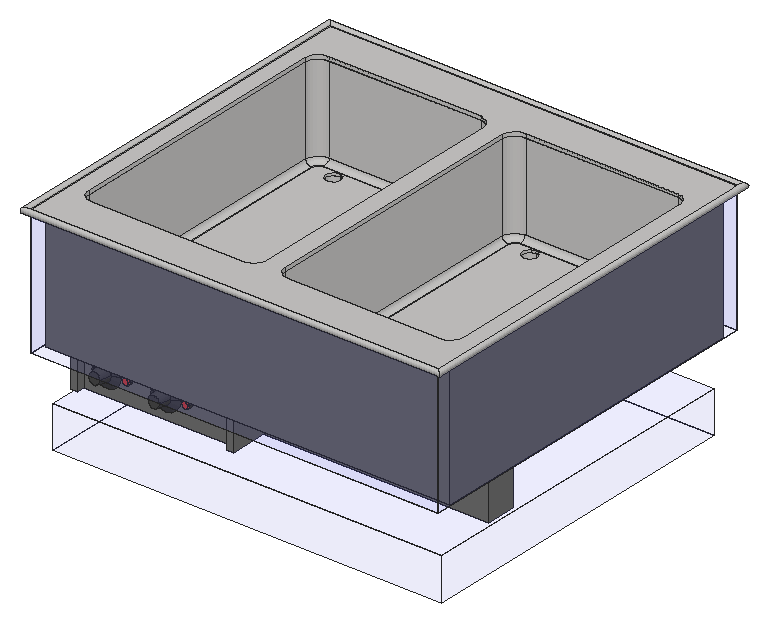
Revit family "QF_Vollrath_36399_cat", category Specialty Equipment, Revit 2016
Family settings
  Part Type = Normal
  Round Connector Dimension = Use Diameter
  OmniClass Number = 23.40.40.14.14
  OmniClass Title = Food Preparation Equipment
  Work Plane-Based = No
  Always vertical = Yes
  Cut with Voids When Loaded = No
  Shared = No
  Room Calculation Point = No
Parameters (values of type "Requires Type Catalog QF_Vollrath_36399_cat.txt")
  Width = 2' - 4 1/4"
  Weight in Pounds = 0
  Watts = 0 W
  Watermarked By = "http://revitwatermark.com"
  Waste Water Discharge Temperature [instance] = -459.67 °F
  Volts = 0 V
  URL Cutsheet = ""
  URL = "www.vollrathco.com"
  Status [instance] = ""
  Specification by User [instance] = ""
  Specification by Manufacturer [instance] = ""
  Serial Number [instance] = ""
  Seismic Rating [instance] = ""
  Revision Code [instance] = ""
  Remote Control Box [instance] = no
  Plumbing Remarks [instance] = ""
  Plumbing Connection Type [instance] = ""
  Phase = 1
  Number of Poles = 1
  NAFEM Spec ID Number [instance] = ""
  Mounted Control Box [instance] = not(Remote Control Box)  # yes
  Model = "-"
  Masterspec [instance] = ""
  Manufacturer = "Vollrath"
  Item Number [instance] = "-"
  Installed By [instance] = ""
  Indirect Waste Size = 1/2"
  Indirect Waste Flow [instance] = 0.00 GPM
  Indirect Waste Connection Type [instance] = ""
  Indirect Waste Connection Height [instance] = Height AFF - 1' 0 3/16"  # 1' - 11 13/16"
  Height AFF [instance] = 3' - 0"
  Furnished By [instance] = ""
  Foodservice Equipment Identifier [instance] = yes
  FL Amps = 0 A
  Electrical Remarks [instance] = ""
  Electric Connection Type [instance] = ""
  Elec Conn RI Height [instance] = 0' - 0"
  Elec Conn Connection Height [instance] = Height AFF - 0' 10"  # 2' - 2"
  Description = "Drop-In, Two Well Hot"
  Depth = 2' - 2"
  Cycle = 60 Hz
  Conn Plug = "-"
  CSI MasterFormat = "11 42 00"
  Assembly Code = "E1090320"
  Apparent Power = if(Phase = 3, Volts * FL Amps * 1.73, Volts * FL Amps)  # 0 VA
Reference planes (in)
  plane 1 "BACK": y = 0
  plane 2: z = 0
  plane 3 "LEFT": x = -15.48959
  plane 4 "RIGHT": x = 12.76041
  plane 5 "FRONT": y = -26
  plane 6 "Table Top": z = 36
  plane 7 "TOP": z = 36.375
  plane 8: y = -3
  plane 9: y = -23
  plane 10: x = -13.98959
  plane 11: x = -1.98959
  plane 12 "Bottom of Well": z = 29.625
  plane 13 "Bottom of Well Cover": z = 27.5
  plane 14: y = -1.5
  plane 15: y = -24.5
  plane 16: x = -14.98959
  plane 17: x = 12.26041
  plane 18 "Standard Drain": z = 23.75
  plane 19 "Drain FB": x = -11.98959
  plane 20 "Drain LR": y = -4
  plane 21: z = 24.5
  plane 22: z = 21.5
  plane 23 "Back of Panel": y = -20.5
  plane 24: y = -18.5
  plane 25: x = -14.48959
  plane 26: x = 11.69791
  plane 27 "Manifold Drain Top": z = 24.25
  plane 28 "Front of Panel": y = -22.5
  plane 29: x = -3.48959
  plane 30: x = -0.73959
  plane 31: x = 11.26041
  plane 32: x = 1.26041
  plane 33: z = 21.375
Forms (in)
  Sweep 1, solid, material "QF_Finishes_Stainless Steel"
    path origin (0, 0, 36) x (0, 1, 0) y (-1, 0, 0)
      loop
        line (0, 15.48959) -> (-26, 15.48959) -> (-26, -12.76041) -> (0, -12.76041) -> (0, 15.48959)
    profile origin (-1.36459, 0, 36) x (0, 1, 0) y (0, 0, 1)
      loop
        line (-0.37121, 0) -> (-0.1875, 0)
        arc (-0.1875, 0) -> (-0.04226, 0.30609) -> (-0.37121, 0.225) r 0.1875
        line (-0.37121, 0.225) -> (-0.37121, 0)
  Extrusion 2, solid, material "QF_Finishes_Stainless Steel"
    sketch origin (0, 0, 36) x (0, 1, 0) y (-1, 0, 0)
      loop
        arc (-3, 13.11459) -> (-3.25628, 13.73331) -> (-3.875, 13.98959) r 0.875
        line (-3.875, 13.98959) -> (-22.125, 13.98959)
        arc (-22.125, 13.98959) -> (-22.74372, 13.73331) -> (-23, 13.11459) r 0.875
        line (-23, 13.11459) -> (-23, 2.86459)
        arc (-23, 2.86459) -> (-22.74372, 2.24587) -> (-22.125, 1.98959) r 0.875
        line (-22.125, 1.98959) -> (-3.875, 1.98959)
        arc (-3.875, 1.98959) -> (-3.25628, 2.24587) -> (-3, 2.86459) r 0.875
        line (-3, 2.86459) -> (-3, 13.11459)
      loop
        line (-0.37121, 15.11838) -> (-25.62879, 15.11838) -> (-25.62879, -12.3892) -> (-0.37121, -12.3892) -> (-0.37121, 15.11838)
      loop
        arc (-3, -0.13541) -> (-3.25628, 0.48331) -> (-3.875, 0.73959) r 0.875
        line (-3.875, 0.73959) -> (-22.125, 0.73959)
        arc (-22.125, 0.73959) -> (-22.74372, 0.48331) -> (-23, -0.13541) r 0.875
        line (-23, -0.13541) -> (-23, -10.38541)
        arc (-23, -10.38541) -> (-22.74372, -11.00413) -> (-22.125, -11.26041) r 0.875
        line (-22.125, -11.26041) -> (-3.875, -11.26041)
        arc (-3.875, -11.26041) -> (-3.25628, -11.00413) -> (-3, -10.38541) r 0.875
        line (-3, -10.38541) -> (-3, -0.13541)
    from 0 to 0.225
  Sweep 3, solid, material "QF_Finishes_Stainless Steel"
    path origin (0, 0, 36) x (0, 1, 0) y (-1, 0, 0)
      loop
        arc (-3, 13.11459) -> (-3.25628, 13.73331) -> (-3.875, 13.98959) r 0.875
        line (-3.875, 13.98959) -> (-22.125, 13.98959)
        arc (-22.125, 13.98959) -> (-22.74372, 13.73331) -> (-23, 13.11459) r 0.875
        line (-23, 13.11459) -> (-23, 2.86459)
        arc (-23, 2.86459) -> (-22.74372, 2.24587) -> (-22.125, 1.98959) r 0.875
        line (-22.125, 1.98959) -> (-3.875, 1.98959)
        arc (-3.875, 1.98959) -> (-3.25628, 2.24587) -> (-3, 2.86459) r 0.875
        line (-3, 2.86459) -> (-3, 13.11459)
    profile origin (-7.98959, -3, 36) x (0, 1, 0) y (0, 0, 1)
      loop
        line (0, 0) -> (0, -5.875)
        arc (0, -5.875) -> (-0.10983, -6.14017) -> (-0.375, -6.25) r 0.375
        line (-0.375, -6.25) -> (-0.375, -6.375)
        arc (-0.375, -6.375) -> (-0.02145, -6.22855) -> (0.125, -5.875) r 0.5
        line (0.125, -5.875) -> (0.125, 0) -> (0, 0)
  Extrusion 4, solid, material "QF_Finishes_Stainless Steel"
    sketch origin (0, 0, 29.625) x (0, 1, 0) y (-1, 0, 0)
      loop
        arc (-3.375, 13.11459) -> (-3.52145, 13.46814) -> (-3.875, 13.61459) r 0.5
        line (-3.875, 13.61459) -> (-22.125, 13.61459)
        arc (-22.125, 13.61459) -> (-22.47855, 13.46814) -> (-22.625, 13.11459) r 0.5
        line (-22.625, 13.11459) -> (-22.625, 2.86459)
        arc (-22.625, 2.86459) -> (-22.47855, 2.51103) -> (-22.125, 2.36459) r 0.5
        line (-22.125, 2.36459) -> (-3.875, 2.36459)
        arc (-3.875, 2.36459) -> (-3.52145, 2.51103) -> (-3.375, 2.86459) r 0.5
        line (-3.375, 2.86459) -> (-3.375, 13.11459)
      loop
        circle (-4, 11.98959) r 0.5
    from 0 to 0.125
  Extrusion 5, solid, material "QF_Finishes_Dark Grey"
    sketch origin (0, 0, 27.5) x (0, 1, 0) y (-1, 0, 0)
      loop
        line (-1.625, 14.86459) -> (-24.375, 14.86459) -> (-24.375, -12.13541) -> (-1.625, -12.13541) -> (-1.625, 14.86459)
      loop
        circle (-4, 11.98959) r 0.5
      loop
        circle (-4, -1.26041) r 0.5
    from 0 to 0.125
  Extrusion 6, solid, material "QF_Finishes_Dark Grey"
    sketch origin (0, 0, 27.5) x (0, 1, 0) y (-1, 0, 0)
      loop
        line (-1.5, 14.98959) -> (-24.5, 14.98959) -> (-24.5, -12.26041) -> (-1.5, -12.26041) -> (-1.5, 14.98959)
      loop
        line (-1.625, 14.86459) -> (-24.375, 14.86459) -> (-24.375, -12.13541) -> (-1.625, -12.13541) -> (-1.625, 14.86459)
    from 0 to 8.5
  Extrusion 7, solid, material "QF_Finishes_Stainless Steel"
    sketch origin (0, 0, 27.5) x (0, 1, 0) y (-1, 0, 0)
      loop
        circle (-4, 11.98959) r 0.5
      loop
        circle (-4, 11.98959) r 0.625
    from 0.125 to 2.125
  Revolve 8, solid, material "QF_Finishes_Dark Grey"
    sketch origin (-11.98959, 0, 0) x (0, 1, 0) y (0, 0, 1)
      loop
        line (-3.375, 23.75) -> (-3.25, 23.75) -> (-3.25, 24.25) -> (-3.375, 24.25) -> (-3.375, 25.75) -> (-3.25, 25.75) -> (-3.25, 26.25) -> (-3.375, 26.25) -> (-3.375, 27.5) -> (-3.5, 27.5) -> (-3.5, 26.125) -> (-3.375, 26.125) -> (-3.375, 25.875) -> (-3.5, 25.875) -> (-3.5, 24.125) -> (-3.375, 24.125) -> (-3.375, 23.75)
      axis (-4, 23.75) -> (-4, 27.5)
    angle from 0 to 360
  Extrusion 9, solid, material "QF_Finishes_Dark Grey"
    sketch origin (-15.48959, 0, 0) x (0, 1, 0) y (0, 0, 1)
      loop
        line (-18.5, 27.5) -> (-20.5, 27.5) -> (-20.5, 24.5) -> (-18.5, 24.5) -> (-18.5, 27.5)
    from 1 to 27.1875
  Extrusion 10, solid, material "QF_Finishes_Dark Grey", visible <- "Mounted Control Box"
    sketch origin (0, 0, 27.5) x (0, 1, 0) y (-1, 0, 0)
      loop
        line (-20.5, 14.48959) -> (-23, 14.48959) -> (-23, 13.98959) -> (-22.5, 13.98959) -> (-22.5, 3.98959) -> (-23, 3.98959) -> (-23, 3.48959) -> (-20.5, 3.48959) -> (-20.5, 14.48959)
    from 0 to -3
  Blend 11, solid, material "QF_Finishes_Black", visible <- "Mounted Control Box"
    base sketch origin (0, -22.5, 0) x (-1, 0, 0) y (0, 0, 1)
      loop
        circle (12.48959, 26) r 1
    top sketch origin (0, -22.5, 0) x (-1, 0, 0) y (0, 0, 1)
      loop
        circle (12.48959, 26) r 0.5
    from 0 to -0.25
  Blend 12, solid, material "QF_Finishes_Black", visible <- "Mounted Control Box"
    base sketch origin (0, -22.5, 0) x (-1, 0, 0) y (0, 0, 1)
      loop
        circle (12.48959, 26) r 0.5
    top sketch origin (0, -22.5, 0) x (-1, 0, 0) y (0, 0, 1)
      loop
        circle (12.48959, 26) r 0.375
    from -0.25 to -1
  Extrusion 13, solid, material "QF_Finishes_Black", visible <- "Mounted Control Box"
    sketch origin (0, -22.5, 0) x (-1, 0, 0) y (0, 0, 1)
      loop
        circle (10.98959, 26) r 0.25
    from 0 to -0.125
  Extrusion 14, solid, material "QF_Finishes_Red", visible <- "Mounted Control Box"
    sketch origin (0, -22.5, 0) x (-1, 0, 0) y (0, 0, 1)
      loop
        circle (10.98959, 26) r 0.1875
    from -0.125 to -0.25
  Extrusion 15, solid, material "QF_Finishes_Stainless Steel"
    sketch origin (13.25, 0, 29.625) x (0, 1, 0) y (-1, 0, 0)
      loop
        arc (-3.375, 13.11459) -> (-3.52145, 13.46814) -> (-3.875, 13.61459) r 0.5
        line (-3.875, 13.61459) -> (-22.125, 13.61459)
        arc (-22.125, 13.61459) -> (-22.47855, 13.46814) -> (-22.625, 13.11459) r 0.5
        line (-22.625, 13.11459) -> (-22.625, 2.86459)
        arc (-22.625, 2.86459) -> (-22.47855, 2.51103) -> (-22.125, 2.36459) r 0.5
        line (-22.125, 2.36459) -> (-3.875, 2.36459)
        arc (-3.875, 2.36459) -> (-3.52145, 2.51103) -> (-3.375, 2.86459) r 0.5
        line (-3.375, 2.86459) -> (-3.375, 13.11459)
      loop
        circle (-4, 11.98959) r 0.5
    from 0 to 0.125
  Revolve 16, solid, material "QF_Finishes_Dark Grey"
    sketch origin (1.26041, 0, 0) x (0, 1, 0) y (0, 0, 1)
      loop
        line (-3.375, 23.75) -> (-3.25, 23.75) -> (-3.25, 24.25) -> (-3.375, 24.25) -> (-3.375, 25.75) -> (-3.25, 25.75) -> (-3.25, 26.25) -> (-3.375, 26.25) -> (-3.375, 27.5) -> (-3.5, 27.5) -> (-3.5, 26.125) -> (-3.375, 26.125) -> (-3.375, 25.875) -> (-3.5, 25.875) -> (-3.5, 24.125) -> (-3.375, 24.125) -> (-3.375, 23.75)
      axis (-4, 23.75) -> (-4, 27.5)
    angle from 0 to 360
  Blend 17, solid, material "QF_Finishes_Black", visible <- "Mounted Control Box"
    base sketch origin (4, -22.5, 0) x (-1, 0, 0) y (0, 0, 1)
      loop
        circle (12.48959, 26) r 1
    top sketch origin (4, -22.5, 0) x (-1, 0, 0) y (0, 0, 1)
      loop
        circle (12.48959, 26) r 0.5
    from 0 to -0.25
  Blend 18, solid, material "QF_Finishes_Black", visible <- "Mounted Control Box"
    base sketch origin (4, -22.5, 0) x (-1, 0, 0) y (0, 0, 1)
      loop
        circle (12.48959, 26) r 0.5
    top sketch origin (4, -22.5, 0) x (-1, 0, 0) y (0, 0, 1)
      loop
        circle (12.48959, 26) r 0.375
    from -0.25 to -1
  Extrusion 19, solid, material "QF_Finishes_Black", visible <- "Mounted Control Box"
    sketch origin (4, -22.5, 0) x (-1, 0, 0) y (0, 0, 1)
      loop
        circle (10.98959, 26) r 0.25
    from 0 to -0.125
  Extrusion 20, solid, material "QF_Finishes_Red", visible <- "Mounted Control Box"
    sketch origin (4, -22.5, 0) x (-1, 0, 0) y (0, 0, 1)
      loop
        circle (10.98959, 26) r 0.1875
    from -0.125 to -0.25
  Sweep 21, solid, material "QF_Finishes_Stainless Steel"
    path origin (13.25, 0, 36) x (0, 1, 0) y (-1, 0, 0)
      loop
        arc (-3, 13.11459) -> (-3.25628, 13.73331) -> (-3.875, 13.98959) r 0.875
        line (-3.875, 13.98959) -> (-22.125, 13.98959)
        arc (-22.125, 13.98959) -> (-22.74372, 13.73331) -> (-23, 13.11459) r 0.875
        line (-23, 13.11459) -> (-23, 2.86459)
        arc (-23, 2.86459) -> (-22.74372, 2.24587) -> (-22.125, 1.98959) r 0.875
        line (-22.125, 1.98959) -> (-3.875, 1.98959)
        arc (-3.875, 1.98959) -> (-3.25628, 2.24587) -> (-3, 2.86459) r 0.875
        line (-3, 2.86459) -> (-3, 13.11459)
    profile origin (5.26041, -3, 36) x (0, 1, 0) y (0, 0, 1)
      loop
        line (0, 0) -> (0, -5.875)
        arc (0, -5.875) -> (-0.10983, -6.14017) -> (-0.375, -6.25) r 0.375
        line (-0.375, -6.25) -> (-0.375, -6.375)
        arc (-0.375, -6.375) -> (-0.02145, -6.22855) -> (0.125, -5.875) r 0.5
        line (0.125, -5.875) -> (0.125, 0) -> (0, 0)
  Extrusion 22, solid, material "QF_Finishes_Stainless Steel"
    sketch origin (13.25, 0, 27.5) x (0, 1, 0) y (-1, 0, 0)
      loop
        circle (-4, 11.98959) r 0.5
      loop
        circle (-4, 11.98959) r 0.625
    from 0.125 to 2.125
  Extrusion 23, solid, material "QF_Finishes_Clearances"
    sketch origin (0, 0, 36) x (0, 1, 0) y (-1, 0, 0)
      loop
        line (-0.375, 15.11459) -> (-25.625, 15.11459) -> (-25.625, -12.38541) -> (-0.375, -12.38541) -> (-0.375, 15.11459)
      loop
        line (-0.4375, 15.05209) -> (-25.5625, 15.05209) -> (-25.5625, -12.32291) -> (-0.4375, -12.32291) -> (-0.4375, 15.05209)
    from 0 to -8.5
  Extrusion 24, solid, material "QF_Finishes_Clearances", detail levels medium+fine
    sketch origin (-11.98959, 0, 0) x (0, 1, 0) y (0, 0, 1)
      loop
        line (-1.5, 21.375) -> (-1.5, 24.25) -> (-24.5, 24.25) -> (-24.5, 21.375) -> (-1.5, 21.375)
    from -2.5 to 23.6875
Lines and regions (in)
  symbolic lines
    curve 1: line (-15.48959, 0, 27.5) -> (12.76041, 0, 27.5)
    curve 2: line (-15.48959, -26, 27.5) -> (-15.48959, 0, 27.5)
    curve 3: line (12.76041, -26, 27.5) -> (-15.48959, -26, 27.5)
    curve 4: line (12.76041, 0, 27.5) -> (12.76041, -26, 27.5)
    curve 5: line (-13.11459, -3, 27.5) -> (-2.86459, -3, 27.5)
    curve 6: line (-13.98959, -22.125, 27.5) -> (-13.98959, -3.875, 27.5)
    curve 7: line (-2.86459, -23, 27.5) -> (-13.11459, -23, 27.5)
    curve 8: line (-1.98959, -3.875, 27.5) -> (-1.98959, -22.125, 27.5)
    curve 9: arc (-13.11459, -23, 27.5) -> (-13.73331, -22.74372, 27.5) -> (-13.98959, -22.125, 27.5) r 0.875
    curve 10: arc (-2.86459, -23, 27.5) -> (-2.24587, -22.74372, 27.5) -> (-1.98959, -22.125, 27.5) r 0.875
    curve 11: arc (-13.98959, -3.875, 27.5) -> (-13.73331, -3.25628, 27.5) -> (-13.11459, -3, 27.5) r 0.875
    curve 12: arc (-2.86459, -3, 27.5) -> (-2.24587, -3.25628, 27.5) -> (-1.98959, -3.875, 27.5) r 0.875
    curve 13: line (0.13541, -3, 27.5) -> (10.38541, -3, 27.5)
    curve 14: line (-0.73959, -22.125, 27.5) -> (-0.73959, -3.875, 27.5)
    curve 15: line (10.38541, -23, 27.5) -> (0.13541, -23, 27.5)
    curve 16: line (11.26041, -3.875, 27.5) -> (11.26041, -22.125, 27.5)
    curve 17: arc (0.13541, -23, 27.5) -> (-0.48331, -22.74372, 27.5) -> (-0.73959, -22.125, 27.5) r 0.875
    curve 18: arc (10.38541, -23, 27.5) -> (11.00413, -22.74372, 27.5) -> (11.26041, -22.125, 27.5) r 0.875
    curve 19: arc (-0.73959, -3.875, 27.5) -> (-0.48331, -3.25628, 27.5) -> (0.13541, -3, 27.5) r 0.875
    curve 20: arc (10.38541, -3, 27.5) -> (11.00413, -3.25628, 27.5) -> (11.26041, -3.875, 27.5) r 0.875
  model lines, style "QF_Cutout"
    curve 21: line (-15.11838, -0.375, 36.375) -> (-15.11838, -0.375, 42.375)
    curve 22: line (12.38541, -0.375, 36.375) -> (12.38541, -0.375, 42.375)
    curve 23: line (-15.11838, -25.625, 36.375) -> (-15.11838, -25.625, 42.375)
    curve 24: line (12.38541, -25.625, 36.375) -> (12.38541, -25.625, 42.375)
Dimensions and locks (in)
  "Width": plane 3 "LEFT" to plane 4 "RIGHT"
  "Depth": plane 5 "FRONT" to plane 1 "BACK"
  "Height AFF": plane 6 "Table Top" to level
  locked: plane 7 "TOP" to plane 6 "Table Top" at 0.375
  locked: plane 1 "BACK" to plane 8 at 3
  locked: plane 9 to plane 5 "FRONT" at 3
  locked: plane 3 "LEFT" to plane 10 at 1.5
  locked: profile plane to Sweep 1 sketch curve at 0.37121
  locked: plane 6 "Table Top" to plane 12 "Bottom of Well" at 6.375
  locked: plane 6 "Table Top" to plane 13 "Bottom of Well Cover" at 8.5
  locked: plane 1 "BACK" to plane 14 at 1.5
  locked: plane 15 to plane 5 "FRONT" at 1.5
  locked: plane 3 "LEFT" to plane 16 at 0.5
  locked: plane 17 to plane 4 "RIGHT" at 0.5
  locked: plane 1 "BACK" to plane 20 "Drain LR" at 4
  locked: plane 13 "Bottom of Well Cover" to plane 21 at 3
  locked: plane 21 to plane 22 at 3
  locked: plane 24 to plane 23 "Back of Panel" at 2
  locked: plane 23 "Back of Panel" to plane 5 "FRONT" at 5.5
  locked: plane 16 to plane 25 at 0.5
  locked: plane 26 to plane 17 at 0.5625
  plane 23 "Back of Panel" to plane 28 "Front of Panel" = 0' - 2"
  locked: plane 25 to plane 29 at 11
  locked: plane 25 to Extrusion 10 sketch curve at 0.5
  locked: Extrusion 10 sketch curve to plane 29 at 0.5
  locked: plane 13 "Bottom of Well Cover" to plane 27 "Manifold Drain Top" at 3.25
  locked: plane 13 "Bottom of Well Cover" to plane 18 "Standard Drain" at 3.75
  locked: plane 10 to plane 11 at 12
  locked: plane 11 to plane 30 at 1.25
  locked: plane 30 to plane 31 at 12
  locked: plane 30 to plane 32 at 2
  locked: plane 10 to plane 19 "Drain FB" at 2
  locked: plane 7 "TOP" to plane 33 at 15
  aligned and locked: level to plane 2
  aligned and locked: Sweep 1 sketch curve to profile plane
  aligned and locked: plane 1 "BACK" to Sweep 1 sketch curve
  aligned and locked: plane 3 "LEFT" to Sweep 1 sketch curve
  aligned and locked: Sweep 1 sketch curve to plane 5 "FRONT"
  aligned and locked: Sweep 1 sketch curve to plane 4 "RIGHT"
  aligned and locked: Extrusion 2 sketch curve to plane 8  (x2)
  aligned and locked: plane 10 to Extrusion 2 sketch curve
  aligned and locked: plane 9 to Extrusion 2 sketch curve  (x2)
  aligned and locked: plane 11 to Extrusion 2 sketch curve
  aligned and locked: Sweep 1 to Extrusion 2 sketch curve  (x4)
  aligned: Extrusion 2 to Sweep 1
  aligned and locked: Sweep 3 sketch curve to plane 8
  aligned and locked: plane 10 to Sweep 3 sketch curve
  aligned and locked: plane 9 to Sweep 3 sketch curve
  aligned and locked: plane 11 to Sweep 3 sketch curve
  aligned and locked: plane 8 to Sweep 3 sketch curve
  aligned and locked: Sweep 3 sketch curve to plane 6 "Table Top"
  aligned and locked: Extrusion 4 sketch curve to Sweep 3  (x2)
  aligned and locked: Sweep 3 to Extrusion 4 sketch curve  (x2)
  aligned and locked: Extrusion 4 to Sweep 3
  aligned and locked: Extrusion 5 sketch curve to Extrusion 4  (x2)
  aligned and locked: plane 16 to Extrusion 6 sketch curve
  aligned and locked: Extrusion 6 sketch curve to plane 14
  aligned and locked: Extrusion 6 sketch curve to plane 17
  aligned and locked: plane 15 to Extrusion 6 sketch curve
  aligned and locked: plane 6 "Table Top" to Extrusion 6
  aligned and locked: Extrusion 5 sketch curve to Extrusion 6  (x4)
  aligned and locked: Extrusion 7 sketch curve to Extrusion 4  (x2)
  aligned and locked: plane 12 "Bottom of Well" to Extrusion 7
  aligned and locked: Extrusion 9 sketch curve to plane 13 "Bottom of Well Cover"
  aligned and locked: plane 23 "Back of Panel" to Extrusion 9 sketch curve
  aligned and locked: Extrusion 9 sketch curve to plane 24
  aligned and locked: plane 21 to Extrusion 9 sketch curve
  aligned and locked: Extrusion 9 to plane 25
  aligned and locked: plane 26 to Extrusion 9
  aligned and locked: Extrusion 10 sketch curve to plane 23 "Back of Panel"
  aligned and locked: Extrusion 10 sketch curve to plane 29
  aligned and locked: Extrusion 10 sketch curve to plane 25
  aligned and locked: plane 28 "Front of Panel" to Extrusion 10 sketch curve
  aligned and locked: Extrusion 10 to plane 21
  aligned and locked: Blend 12 sketch curve to Blend 11  (x2)
  aligned and locked: plane 1 "BACK" to curve 1
  aligned and locked: plane 3 "LEFT" to curve 2
  aligned and locked: curve 4 to plane 4 "RIGHT"
  aligned and locked: curve 3 to plane 5 "FRONT"
  aligned and locked: curve 5 to plane 8
  aligned and locked: plane 11 to curve 8
  aligned and locked: plane 10 to curve 6
  aligned and locked: plane 9 to curve 7
  aligned and locked: plane 31 to Extrusion 2 sketch curve
  aligned and locked: Extrusion 2 sketch curve to plane 30
  aligned and locked: Blend 18 sketch curve to Blend 17  (x2)
  aligned and locked: Extrusion 23 to plane 13 "Bottom of Well Cover"
  aligned and locked: plane 33 to Extrusion 24 sketch curve
  aligned and locked: Extrusion 24 sketch curve to plane 14
  aligned and locked: Extrusion 24 sketch curve to plane 27 "Manifold Drain Top"
  aligned and locked: plane 15 to Extrusion 24 sketch curve
  aligned and locked: plane 26 to Extrusion 24
  aligned and locked: Extrusion 24 to plane 25
Automatic sketch dimensions
  plane 28 "Front of Panel" to Sweep 3 sketch curve = 0' - 0 3/8"  (x2)
  plane 20 "Drain LR" to Sweep 3 sketch curve = 0' - 0 1/8"  (x2)
  plane 15 to Extrusion 6 sketch curve = 0' - 0 1/8"
  Extrusion 6 sketch curve to plane 14 = 0' - 0 1/8"
  Extrusion 6 sketch curve to plane 17 = 0' - 0 1/8"
  plane 16 to Extrusion 6 sketch curve = 0' - 0 1/8"
  Extrusion 10 sketch curve to plane 9 = 0' - 0"  (x2)
  Extrusion 15 sketch curve to plane 20 "Drain LR" = 0' - 0"
  Extrusion 15 sketch curve to plane 32 = 0' - 0"
  plane 28 "Front of Panel" to Extrusion 15 sketch curve = 0' - 0 3/8"  (x2)
  Extrusion 15 sketch curve to plane 28 "Front of Panel" = 0' - 0 1/8"
  plane 20 "Drain LR" to Extrusion 15 sketch curve = 0' - 0 1/8"  (x2)
  Extrusion 15 sketch curve to plane 8 = 0' - 0 3/8"
  plane 31 to Extrusion 15 sketch curve = 0' - 0 7/8"
  Extrusion 15 sketch curve to plane 30 = 0' - 0 7/8"
  Sweep 21 sketch curve to plane 9 = 0' - 0"
  Sweep 21 sketch curve to plane 30 = 0' - 0"
  Sweep 21 sketch curve to plane 31 = 0' - 0"
  Sweep 21 sketch curve to plane 8 = 0' - 0"
  plane 28 "Front of Panel" to Sweep 21 sketch curve = 0' - 0 3/8"  (x2)
  plane 20 "Drain LR" to Sweep 21 sketch curve = 0' - 0 1/8"  (x2)
  Extrusion 22 sketch curve to Extrusion 22 sketch curve = 0' - 0"  (x12)
  Extrusion 22 sketch curve to plane 32 = 0' - 0"
  Extrusion 22 sketch curve to plane 20 "Drain LR" = 0' - 0"
  Extrusion 22 sketch curve to plane 20 "Drain LR" = 0' - 0 1/2"
  Extrusion 22 sketch curve to Extrusion 22 sketch curve = 0' - 0 1/8"
  curve 15 to plane 9 = 0' - 0"
  curve 14 to plane 30 = 0' - 0"
  curve 18 to plane 31 = 0' - 0"
  curve 13 to plane 8 = 0' - 0"
  plane 28 "Front of Panel" to curve 14 = 0' - 0 3/8"
  plane 28 "Front of Panel" to curve 18 = 0' - 0 3/8"
  plane 28 "Front of Panel" to curve 10 = 0' - 0 3/8"
  plane 28 "Front of Panel" to curve 9 = 0' - 0 3/8"
  plane 20 "Drain LR" to curve 12 = 0' - 0 1/8"
  plane 20 "Drain LR" to curve 11 = 0' - 0 1/8"
  plane 20 "Drain LR" to curve 19 = 0' - 0 1/8"
  plane 20 "Drain LR" to curve 20 = 0' - 0 1/8"
  Extrusion 23 sketch curve to plane 5 "FRONT" = 0' - 0 3/8"
  plane 1 "BACK" to Extrusion 23 sketch curve = 0' - 0 3/8"
  Extrusion 23 sketch curve to Extrusion 23 sketch curve = 0' - 0 1/16"  (x4)
  plane 17 to Extrusion 23 sketch curve = 0' - 0 1/16"
  Extrusion 23 sketch curve to plane 16 = 0' - 0 1/16"
  Sweep 1 sketch curve to Sweep 1 sketch curve = 0' - 0.18371"
  plane 6 "Table Top" to Sweep 1 sketch curve = 0' - 0 3/16"
  plane 28 "Front of Panel" to Extrusion 2 sketch curve = 0' - 0 3/8"  (x4)
  plane 20 "Drain LR" to Extrusion 2 sketch curve = 0' - 0 1/8"  (x4)
  Sweep 3 sketch curve to Sweep 3 sketch curve = 0' - 0"  (x2)
  profile plane to Sweep 3 sketch curve = 0' - 0 3/8"
  Sweep 3 sketch curve to profile plane = 0' - 0 1/8"
  Sweep 3 sketch curve to plane 6 "Table Top" = 0' - 5 7/8"
  Extrusion 4 sketch curve to plane 19 "Drain FB" = 0' - 0"
  Extrusion 4 sketch curve to plane 20 "Drain LR" = 0' - 0"
  plane 28 "Front of Panel" to Extrusion 4 sketch curve = 0' - 0 3/8"  (x2)
  plane 20 "Drain LR" to Extrusion 4 sketch curve = 0' - 0 1/8"  (x2)
  Extrusion 5 sketch curve to Extrusion 5 sketch curve = 0' - 0"  (x2)
  Extrusion 5 sketch curve to plane 32 = 0' - 0"
  Extrusion 5 sketch curve to plane 20 "Drain LR" = 0' - 0"
  Extrusion 5 sketch curve to plane 20 "Drain LR" = 0' - 0 1/2"
  Extrusion 7 sketch curve to Extrusion 7 sketch curve = 0' - 0"  (x2)
  Extrusion 7 sketch curve to Extrusion 7 sketch curve = 0' - 0 1/8"
  Revolve 8 sketch curve to plane 20 "Drain LR" = 0' - 0"
  Revolve 8 sketch curve to plane 13 "Bottom of Well Cover" = 0' - 0"
  Revolve 8 sketch curve to plane 27 "Manifold Drain Top" = 0' - 0"
  Revolve 8 sketch curve to plane 18 "Standard Drain" = 0' - 0"
  Revolve 8 sketch curve to plane 8 = 0' - 0 1/2"  (x2)
  Revolve 8 sketch curve to Revolve 8 sketch curve = 0' - 0 1/8"  (x6)
  Revolve 8 sketch curve to Revolve 8 sketch curve = 0' - 0"
  Revolve 8 sketch curve to plane 8 = 0' - 0 3/8"
  Revolve 8 sketch curve to level = 1' - 0"
  Revolve 8 sketch curve to plane 27 "Manifold Drain Top" = 0' - 0 1/8"
  plane 21 to Revolve 8 sketch curve = 0' - 1 1/4"
  Revolve 8 sketch curve to Revolve 8 sketch curve = 0' - 0 1/4"
  plane 7 "TOP" to Revolve 8 sketch curve = 5' - 0 5/8"
  Blend 11 sketch curve to plane 19 "Drain FB" = 0' - 0 1/2"  (x2)
  Blend 11 sketch curve to plane 13 "Bottom of Well Cover" = 0' - 1 1/2"  (x2)
  Blend 12 sketch curve to plane 19 "Drain FB" = 0' - 0 1/2"
  Blend 12 sketch curve to plane 13 "Bottom of Well Cover" = 0' - 1 1/2"
  plane 19 "Drain FB" to Extrusion 13 sketch curve = 0' - 1"
  Extrusion 13 sketch curve to plane 13 "Bottom of Well Cover" = 0' - 1 1/2"
  plane 19 "Drain FB" to Extrusion 14 sketch curve = 0' - 1"
  Extrusion 14 sketch curve to plane 13 "Bottom of Well Cover" = 0' - 1 1/2"
  Revolve 16 sketch curve to plane 20 "Drain LR" = 0' - 0"
  Revolve 16 sketch curve to plane 13 "Bottom of Well Cover" = 0' - 0"
  Revolve 16 sketch curve to plane 27 "Manifold Drain Top" = 0' - 0"
  Revolve 16 sketch curve to plane 18 "Standard Drain" = 0' - 0"
  Revolve 16 sketch curve to plane 8 = 0' - 0 1/2"  (x2)
  Revolve 16 sketch curve to Revolve 16 sketch curve = 0' - 0 1/8"  (x6)
  Revolve 16 sketch curve to Revolve 16 sketch curve = 0' - 0"
  Revolve 16 sketch curve to plane 8 = 0' - 0 3/8"
  Revolve 16 sketch curve to level = 1' - 0"
  Revolve 16 sketch curve to plane 27 "Manifold Drain Top" = 0' - 0 1/8"
  plane 21 to Revolve 16 sketch curve = 0' - 1 1/4"
  Revolve 16 sketch curve to Revolve 16 sketch curve = 0' - 0 1/4"
  plane 7 "TOP" to Revolve 16 sketch curve = 5' - 0 5/8"
  Blend 17 sketch curve to plane 13 "Bottom of Well Cover" = 0' - 1 1/2"  (x2)
  plane 19 "Drain FB" to Blend 17 sketch curve = 0' - 3 1/2"  (x2)
  Blend 18 sketch curve to plane 13 "Bottom of Well Cover" = 0' - 1 1/2"
  plane 19 "Drain FB" to Blend 18 sketch curve = 0' - 3 1/2"
  Extrusion 19 sketch curve to plane 13 "Bottom of Well Cover" = 0' - 1 1/2"
  Extrusion 19 sketch curve to plane 29 = 0' - 3 1/2"
  Extrusion 20 sketch curve to plane 13 "Bottom of Well Cover" = 0' - 1 1/2"
  Extrusion 20 sketch curve to plane 29 = 0' - 3 1/2"
  Sweep 21 sketch curve to Sweep 21 sketch curve = 0' - 0"  (x2)
  Sweep 21 sketch curve to plane 6 "Table Top" = 0' - 0"
  Sweep 21 sketch curve to profile plane = 0' - 0"
  profile plane to Sweep 21 sketch curve = 0' - 0 3/8"
  Sweep 21 sketch curve to profile plane = 0' - 0 1/8"
  Sweep 21 sketch curve to plane 6 "Table Top" = 0' - 5 7/8"
  Extrusion 23 to curve 22 = 0' - 0"
  Extrusion 23 to curve 21 = 0' - 0.00379"
  curve 21 to Extrusion 23 = 0' - 6 3/8"
  curve 22 to Extrusion 23 = 0' - 6 3/8"
  curve 22 to Extrusion 23 = 0' - 0 3/8"
  curve 21 to Extrusion 23 = 0' - 0 3/8"
  curve 24 to Extrusion 23 = 0' - 0"
  curve 23 to Extrusion 23 = 0' - 0.00379"
  curve 23 to Extrusion 23 = 0' - 6 3/8"
  curve 24 to Extrusion 23 = 0' - 6 3/8"
  curve 24 to Extrusion 23 = 0' - 0 3/8"
  curve 23 to Extrusion 23 = 0' - 0 3/8"
  radius of Extrusion 15 sketch curve = 0' - 0 1/2"
  radius of Extrusion 4 sketch curve = 0' - 0 1/2"
  radius of Blend 11 sketch curve = 0' - 1"
  radius of Blend 11 sketch curve = 0' - 0 1/2"
  radius of Blend 12 sketch curve = 0' - 0 3/8"
  radius of Extrusion 13 sketch curve = 0' - 0 1/4"
  radius of Extrusion 14 sketch curve = 0' - 0 3/16"
  radius of Blend 17 sketch curve = 0' - 1"
  radius of Blend 17 sketch curve = 0' - 0 1/2"
  radius of Blend 18 sketch curve = 0' - 0 3/8"
  radius of Extrusion 19 sketch curve = 0' - 0 1/4"
  radius of Extrusion 20 sketch curve = 0' - 0 3/16"
Connectors (in)
  piping at (-11.98959, -4, 23.75), diameter 1, driven by "Indirect Waste Flow"
    settings: on Revolve 8, index 1, connector inside diameter 1", connector length 0' - 0", flow factor 0, pipe flow 0.00 GPM, pressure drop 0.00 psi, fitting loss kfactor 0, connector angle 0.00°, fixture units 0, engagement length 0' - 0", angle of deflection 0.00°, flow configuration 1, flow direction 2, fitting loss method 0, system type 16, joint type 0, gender type 0, connector reference index -1, connector utility 0, adjustable connector no, is connector primary yes, connector description "Indirect Waste"
  electrical at (-1.39584, -18.5, 26), driven by "Number of Poles", driven by "Volts", driven by "Apparent Power"
    settings: on Extrusion 9, index 3, voltage 0 V, apparent load 0 VA, apparent load phase1 0 VA, apparent load phase2 0 VA, apparent load phase3 0 VA, power factor 1, load classification "Other", number of poles 1, system type 30, power factor state 1, is connector primary yes, connector utility no, sub classification motor no, connector description "Electric"
  piping at (1.26041, -4, 23.75), diameter 1, driven by "Indirect Waste Flow"
    settings: on Revolve 16, index 4, connector inside diameter 1", connector length 0' - 0", flow factor 0, pipe flow 0.00 GPM, pressure drop 0.00 psi, fitting loss kfactor 0, connector angle 0.00°, fixture units 0, engagement length 0' - 0", angle of deflection 0.00°, flow configuration 1, flow direction 2, fitting loss method 0, system type 16, joint type 0, gender type 0, connector reference index -1, connector utility 0, adjustable connector no, is connector primary no, connector description "Indirect Waste"
